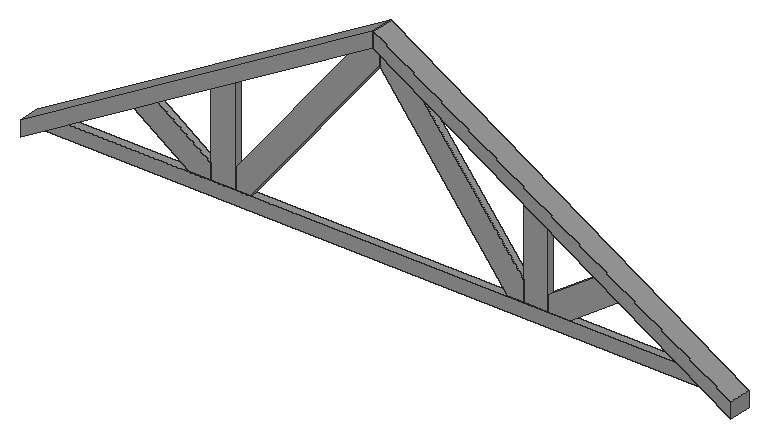
Revit family "DoubleFanTruss", category Structural Framing, Revit 2022
Family settings
  Section Shape = Not Defined
  Material for Model Behavior = Wood
  Always export as geometry = No
  OmniClass Number = 23.25.30.21.14
  OmniClass Title = Trussed Beams and Joists
  Work Plane-Based = No
  Always vertical = Yes
  Cut with Voids When Loaded = No
  Symbolic Representation = From Family
  Shared = No
  Show family pre-cut in plan views = Yes
Parameters
  WebWidth [instance] = 140 mm
  TopWidth [instance] = 500 mm
  WebDepth [instance] = 550 mm
  Structural Material [instance] = Poche
  SpanRight [instance] = 7000 mm
  SpanLeft [instance] = 7000 mm
  Span [instance] = SpanLeft + SpanRight  # 14000 mm
  SlopeRight [instance] = 30.00°
  SlopeLeft [instance] = 30.00°
  OverhangRight [instance] = 900 mm
  OverhangLeft [instance] = 1000 mm
  BottomWidth [instance] = 180 mm
  BottomDepth [instance] = 300 mm
  TopDepth [instance] = 300 mm
Reference planes
  plane 1 "Center (Front/Back)": y = 0
  plane 2: z = 0
  plane 3 "Center (Left/Right)": x = 0
  plane 4: x = 7000
  plane 5: x = 8000
  plane 6: x = -7000
  plane 7: x = -7900
  plane 8: z = 300
  plane 9: x = 3500
  plane 10: x = -3500
  plane 11: x = 3775
  plane 12: x = -3775
  plane 13: x = -3225
  plane 14: x = 3225
  plane 15: x = 5250
  plane 16: x = -5250
Forms (mm)
  Extrusion 1, solid, material "Cherry"
    sketch origin (0, 0, 0) x (1, 0, 0) y (0, 0, 1)
      loop
        line (-7900, 126.795) -> (-7900, -219.615) -> (0, 4341.452) -> (0, 4687.862) -> (-7900, 126.795)
    from -250 to 250
  Extrusion 2, solid, material "Cherry"
    sketch origin (9125, 0, 9254.6) x (1, 0, 0) y (0, 0, 1)
      loop
        line (-1125, -9531.95) -> (-1125, -9185.54) -> (-9125, -4566.738) -> (-9125, -4913.148) -> (-1125, -9531.95)
    from -250 to 250
  Extrusion 3, solid, material "Cherry"
    sketch origin (0, 0, 0) x (1, 0, 0) y (0, 0, 1)
      loop
        line (7519.615, 0) -> (7000, 300) -> (-7000, 300) -> (-7519.615, 0) -> (7519.615, 0)
    from -90 to 90
  Extrusion 4, solid, material "Cherry"
    sketch origin (0, 0, 0) x (1, 0, 0) y (0, 0, 1)
      loop
        line (-3225, 2479.497) -> (-3775, 2161.955) -> (-3775, 300) -> (-3225, 300) -> (-3225, 2479.497)
    from -70 to 70
  Extrusion 5, solid, material "Cherry"
    sketch origin (0, 0, 0) x (1, 0, 0) y (0, 0, 1)
      loop
        line (3775, 2161.955) -> (3225, 2479.497) -> (3225, 300) -> (3775, 300) -> (3775, 2161.955)
    from -70 to 70
  Extrusion 6, solid, material "Cherry"
    sketch origin (0, 0, 0) x (1, 0, 0) y (0, 0, 1)
      loop
        line (-2873.175, 300) -> (0, 3900.557) -> (0, 4341.452) -> (-652.391, 3964.794) -> (-3225, 740.894) -> (-3225, 300) -> (-2873.175, 300)
    from -70 to 70
  Extrusion 7, solid, material "Cherry"
    sketch origin (0, 0, 0) x (1, 0, 0) y (0, 0, 1)
      loop
        line (652.391, 3964.794) -> (0, 4341.452) -> (0, 3900.557) -> (2873.175, 300) -> (3225, 300) -> (3225, 740.894) -> (652.391, 3964.794)
    from -70 to 70
  Extrusion 8, solid, material "Cherry"
    sketch origin (0, 0, 0) x (1, 0, 0) y (0, 0, 1)
      loop
        line (-3775, 633.331) -> (-4985.943, 1462.817) -> (-5514.057, 1157.909) -> (-4261.62, 300) -> (-3775, 300) -> (-3775, 633.331)
    from -70 to 70
  Extrusion 9, solid, material "Cherry"
    sketch origin (0, 0, 0) x (1, 0, 0) y (0, 0, 1)
      loop
        line (4261.62, 300) -> (5514.057, 1157.909) -> (4985.943, 1462.817) -> (3775, 633.331) -> (3775, 300) -> (4261.62, 300)
    from -70 to 70
Lines and regions (mm)
  reference lines
    curve 1: line (0, 250, 1795.888) -> (0, 250, -804.112)
    curve 2: line (0, -250, 1795.888) -> (0, -250, -804.112)
    curve 3: line (0, -70, 1795.888) -> (0, -70, -804.112)
    curve 4: line (0, -90, 1795.888) -> (0, -90, -804.112)
    curve 5: line (0, 70, 1795.888) -> (0, 70, -804.112)
    curve 6: line (0, 90, 1795.888) -> (0, 90, -804.112)
    curve 7: line (-7000, 0, 300) -> (1573.651, 0, 5250)
    curve 8: line (7000, 0, 300) -> (-534.421, 0, 4650)
    curve 9: line (-7128.558, 0, 572.187) -> (196.187, 0, 4801.131)
    curve 10: line (7128.558, 0, 572.187) -> (28.017, 0, 4671.686)
    curve 11: line (0, 0, 4341.452) -> (3225, 0, 300)
    curve 12: line (-3225, 0, 300) -> (0, 0, 4341.452)
    curve 13: line (-3366.421, 0, 563.67) -> (-141.421, 0, 4605.122)
    curve 14: line (-2986.026, 0, 158.579) -> (141.421, 0, 4077.782)
    curve 15: line (141.421, 0, 4605.122) -> (3366.421, 0, 563.67)
    curve 16: line (-141.421, 0, 4077.782) -> (2986.026, 0, 158.579)
    curve 17: line (3775, 0, 300) -> (5250, 0, 1310.363)
    curve 18: line (-3775, 0, 300) -> (-5250, 0, 1310.363)
    curve 19: line (3661.975, 0, 555.91) -> (5136.975, 0, 1566.273)
    curve 20: line (3888.025, 0, 44.09) -> (5363.025, 0, 1054.453)
    curve 21: line (-3661.975, 0, 555.91) -> (-5136.975, 0, 1566.273)
    curve 22: line (-3888.025, 0, 44.09) -> (-5363.025, 0, 1054.453)
Dimensions and locks
  "OverhangLeft": plane 4 to plane 5
  "OverhangRight": plane 6 to plane 7
  "SpanRight": plane 3 "Center (Left/Right)" to plane 6
  "SpanLeft": plane 3 "Center (Left/Right)" to plane 4
  equal spacing: curve 1, plane 1 "Center (Front/Back)", curve 2
  "TopWidth": curve 1 to curve 2
  equal spacing: curve 5, plane 1 "Center (Front/Back)", curve 3
  equal spacing: curve 6, plane 1 "Center (Front/Back)", curve 4
  "WebWidth": curve 5 to curve 3
  "BottomWidth": curve 6 to curve 4
  equal spacing: plane 4, plane 9, plane 3 "Center (Left/Right)"
  equal spacing: plane 3 "Center (Left/Right)", plane 10, plane 6
  "BottomDepth": plane 2 to plane 8
  "TopDepth": curve 9 to curve 7
  "TopDepth": curve 8 to curve 10
  equal spacing: plane 13, plane 10, plane 12
  equal spacing: plane 14, plane 9, plane 11
  "WebDepth": plane 13 to plane 12
  "WebDepth": plane 14 to plane 11
  equal spacing: plane 4, plane 15, plane 9
  equal spacing: plane 10, plane 16, plane 6
  equal spacing: curve 14, curve 12, curve 13
  "WebDepth": curve 14 to curve 13
  equal spacing: curve 16, curve 11, curve 15
  "WebDepth": curve 16 to curve 15
  equal spacing: curve 20, curve 17, curve 19
  "WebDepth": curve 20 to curve 19
  equal spacing: curve 21, curve 18, curve 22
  "WebDepth": curve 21 to curve 22
  "SlopeRight": angle curve 7 to plane 8
  "SlopeLeft": angle plane 8 to curve 8
  aligned and locked: plane 2 to level
  aligned and locked: plane 6 to curve 7
  aligned and locked: plane 8 to curve 7
  aligned and locked: plane 8 to curve 8
  aligned and locked: plane 4 to curve 8
  aligned and locked: Extrusion 1 sketch curve to curve 9
  aligned and locked: plane 3 "Center (Left/Right)" to Extrusion 1 sketch curve
  aligned and locked: Extrusion 1 sketch curve to curve 7
  aligned and locked: Extrusion 1 sketch curve to plane 7
  aligned and locked: Extrusion 2 sketch curve to curve 8
  aligned and locked: Extrusion 2 sketch curve to curve 10
  aligned and locked: plane 5 to Extrusion 2 sketch curve
  aligned and locked: plane 3 "Center (Left/Right)" to Extrusion 2 sketch curve
  aligned and locked: Extrusion 1 to curve 1
  aligned and locked: Extrusion 1 to curve 2
  aligned and locked: plane 2 to Extrusion 3 sketch curve
  aligned and locked: plane 8 to Extrusion 3 sketch curve
  aligned and locked: Extrusion 1 to Extrusion 3 sketch curve
  aligned and locked: Extrusion 2 to Extrusion 3 sketch curve
  aligned and locked: curve 6 to Extrusion 3
  aligned and locked: Extrusion 3 to curve 4
  aligned and locked: plane 13 to Extrusion 4 sketch curve
  aligned and locked: Extrusion 1 to Extrusion 4 sketch curve
  aligned and locked: Extrusion 4 sketch curve to plane 12
  aligned and locked: Extrusion 3 to Extrusion 4 sketch curve
  aligned and locked: Extrusion 5 sketch curve to plane 11
  aligned and locked: plane 14 to Extrusion 5 sketch curve
  aligned and locked: Extrusion 2 to Extrusion 5 sketch curve
  aligned and locked: Extrusion 3 to Extrusion 5 sketch curve
  aligned and locked: Extrusion 5 to curve 5
  aligned and locked: Extrusion 5 to curve 3
  aligned and locked: Extrusion 4 to curve 5
  aligned and locked: Extrusion 4 to curve 3
  aligned and locked: curve 14 to Extrusion 6 sketch curve
  aligned and locked: curve 13 to Extrusion 6 sketch curve
  aligned and locked: Extrusion 1 to Extrusion 6 sketch curve
  aligned and locked: Extrusion 6 sketch curve to plane 3 "Center (Left/Right)"
  aligned and locked: Extrusion 3 to Extrusion 6 sketch curve
  aligned and locked: plane 13 to Extrusion 6 sketch curve
  aligned and locked: curve 15 to Extrusion 7 sketch curve
  aligned and locked: curve 16 to Extrusion 7 sketch curve
  aligned and locked: Extrusion 5 to Extrusion 7 sketch curve
  aligned and locked: Extrusion 3 to Extrusion 7 sketch curve
  aligned and locked: Extrusion 7 sketch curve to plane 3 "Center (Left/Right)"
  aligned and locked: Extrusion 7 sketch curve to Extrusion 2
  aligned and locked: curve 21 to Extrusion 8 sketch curve
  aligned and locked: curve 22 to Extrusion 8 sketch curve
  aligned and locked: Extrusion 1 to Extrusion 8 sketch curve
  aligned and locked: Extrusion 4 to Extrusion 8 sketch curve
  aligned and locked: Extrusion 3 to Extrusion 8 sketch curve
  aligned and locked: curve 20 to Extrusion 9 sketch curve
  aligned and locked: curve 19 to Extrusion 9 sketch curve
  aligned and locked: Extrusion 2 to Extrusion 9 sketch curve
  aligned and locked: Extrusion 3 to Extrusion 9 sketch curve
  aligned and locked: Extrusion 9 sketch curve to Extrusion 5
  aligned and locked: Extrusion 6 to curve 5
  aligned and locked: Extrusion 6 to curve 3
  aligned and locked: Extrusion 7 to curve 5
  aligned and locked: Extrusion 7 to curve 3
  aligned and locked: curve 5 to Extrusion 8
  aligned and locked: Extrusion 8 to curve 3
  aligned and locked: curve 5 to Extrusion 9
  aligned and locked: Extrusion 9 to curve 3
  aligned and locked: Extrusion 2 to curve 1
  aligned and locked: Extrusion 2 to curve 2
Automatic sketch dimensions
  level to curve 6 = 804.112 mm
  curve 1 to curve 6 = 0 mm
  curve 4 to curve 1 = 0 mm
  curve 4 to curve 2 = 0 mm  (x2)
  curve 4 to curve 3 = 0 mm  (x2)
  curve 5 to curve 6 = 0 mm  (x2)
  curve 2 to plane 8 = 1495.888 mm
  curve 2 to curve 5 = 0 mm
  curve 1 to curve 5 = 0 mm
  plane 16 to curve 18 = 0 mm
  curve 18 to plane 8 = 0 mm
  curve 18 to plane 12 = 0 mm
  curve 12 to plane 8 = 0 mm
  plane 13 to curve 12 = 0 mm
  curve 12 to plane 3 "Center (Left/Right)" = 0 mm
  curve 11 to plane 8 = 0 mm
  plane 14 to curve 11 = 0 mm
  curve 17 to plane 8 = 0 mm
  curve 17 to plane 11 = 0 mm
  curve 17 to plane 15 = 0 mm
  curve 9 to plane 6 = 128.558 mm
  plane 16 to curve 22 = 113.025 mm
  curve 21 to plane 16 = 113.025 mm
  level to curve 22 = 44.09 mm
  plane 12 to curve 21 = 113.025 mm
  plane 10 to curve 13 = 133.579 mm
  plane 8 to curve 14 = 141.421 mm
  curve 16 to plane 3 "Center (Left/Right)" = 141.421 mm
  curve 13 to plane 3 "Center (Left/Right)" = 141.421 mm
  plane 3 "Center (Left/Right)" to curve 10 = 28.017 mm
  curve 10 to curve 15 = 113.404 mm
  plane 3 "Center (Left/Right)" to curve 14 = 141.421 mm
  plane 3 "Center (Left/Right)" to curve 9 = 196.187 mm
  plane 8 to curve 16 = 141.421 mm
  curve 15 to plane 9 = 133.579 mm
  curve 19 to plane 11 = 113.025 mm
  level to curve 20 = 44.09 mm
  curve 19 to plane 15 = 113.025 mm
  plane 15 to curve 20 = 113.025 mm
  curve 10 to plane 4 = 128.558 mm
